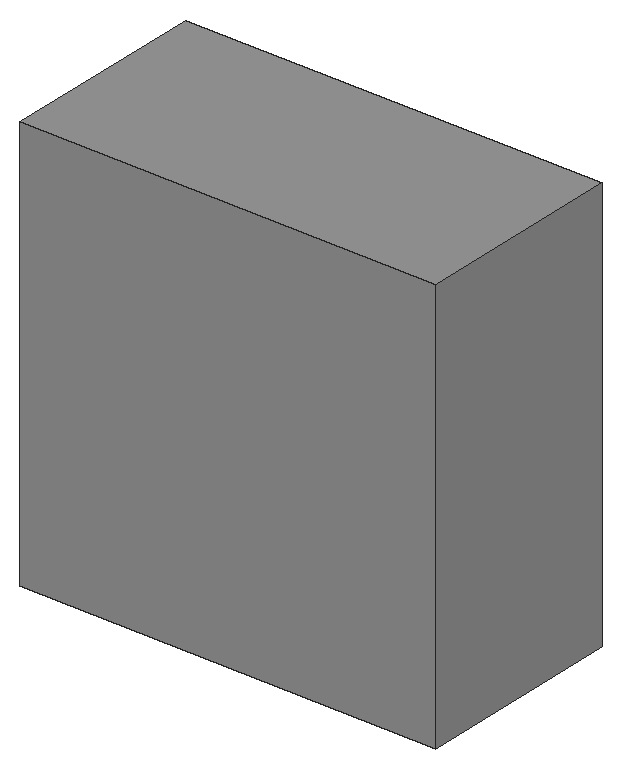
Revit family "BM_Energieversorgung_V1700", category Brandmelder, Revit 2017
Family settings
  Beschriftungsausrichtung beibehalten = Nein
  Bemaßung runder Anschluss = Durchmesser verwenden
  Teiletyp = Verteilerkasten
  OmniClass-Nummer = 23.80.00.00
  OmniClass-Titel = Electric Power and Lighting
  Arbeitsebenenbasiert = Nein
  Immer vertikal = Ja
  Beim Laden mit Abzugskörper schneiden = Ja
  Gemeinsam genutzt = Nein
  Raumberechnungspunkt = Nein
Parameters (values of type "Energieversorgung")
  pbr_Material_KZ = ""
  pbr_Material = none
  pbr_E_Typ = ""
  pbr_E_KZ = ""
  pbr_DINBild = 0
  pbr_Bild = 0
  pbr_3Dx_Delta_Korrekturversatz [instance] = 0 mm
  pbr_3DX_Versatzfaktor [instance] = 0
  pbr_2DY_Versatzfaktor [instance] = 0
  pbr_2DX_Versatzfaktor [instance] = 0
  lfd_STRK [instance] = 0
  Zentrale [instance] = ""
  Winkel [instance] = 0.00°
  Typ [instance] = ""
  Text3 [instance] = ""
  Text2 [instance] = ""
  Text1 [instance] = ""
  Spannung [instance] = 0
  Scheinleistung [instance] = 0 VA
  RLeitungD [instance] = 20 mm
  YFrontversatz [instance] = if(pbr_2DY_Versatzfaktor = 300, 0 mm, pbr_2DY_Versatzfaktor * 300 mm)  # 0 mm
  XSeitenversatz [instance] = if(pbr_2DX_Versatzfaktor = 0, 3000 mm, 3000 mm + (pbr_2DX_Versatzfaktor * 300 mm)) + Eckversatz  # 3000 mm
  X3Dversatz [instance] = if([3DX_Versatzkontrolle] = 0, 2000 mm, 2000 mm + ([3DX_Versatzkontrolle] * (300 mm - Breite))) + pbr_3Dx_Delta_Korrekturversatz  # 2000 mm
  Polig [instance] = 1
  Planungsbüro Osnabrück = "www.pbr.de"
  Niveau [instance] = 1200 mm
  Netzart = ""
  Nennstrom [instance] = 0
  Menge (Dosenzahl) [instance] = 1
  Loop [instance] = ""
  Linie/Anschluss [instance] = ""
  Leistungsfaktor [instance] = 0
  Lastklassifizierung = none
  Installationsart = ""
  Info [instance] = ""
  Gewerk [instance] = "Brandmelder"
  EnergieversorgungDetele = yes
  Eckversatz [instance] = 0 mm
  Tiefe = 40 mm
  Länge [instance] = Breite  # 80 mm
  Bus [instance] = ""
  Breite = 80 mm
  Betriebsstrom ruhe [instance] = 0
  Betriebsstrom max [instance] = 0
  3DX_Versatzkontrolle [instance] = if(pbr_3DX_Versatzfaktor = 0, (pbr_2DX_Versatzfaktor * -1), (((-1 * pbr_3DX_Versatzfaktor) + pbr_2DX_Versatzfaktor) * -1))  # 0
Reference planes
  plane 1 "Mitte (Vorne/Hinten)": y = -0.134
  plane 2: z = 0
  plane 3 "Mitte (Links/Rechts)": x = 0
  plane 4: x = -125
  plane 5: x = 175
  plane 6: y = 300
  plane 7 "Schalterhinten": y = -0.134
  plane 8: x = -2975
  plane 9: x = 25
  plane 10: x = -1988.5
  plane 11: x = -15
  plane 12: x = 65
  plane 13: z = 1240
  plane 14: z = 1160
  plane 15 "SchalterVorne": y = 40
  plane 16: z = 1200
  plane 17 "MitteBox": y = 20
  plane 18: z = 1240
  plane 19: z = 1160
  plane 20 "rechts links oben 1": z = 1224
  plane 21 "rechts links unten 1": z = 1176
  plane 22 "rechts links oben 2": z = 1208
  plane 23 "rechts links unten 2": z = 1192
  plane 24: y = 149.933
Forms (mm)
  Extrusion 1, solid, material "Stahl, weich, geschweißt"
    sketch origin (0, 20, 0) x (0, 0, 1) y (-1, 0, 0)
      loop
        line (1160, 15) -> (1160, -65) -> (1240, -65) -> (1240, 15) -> (1160, 15)
    from -20 to 20
Dimensions and locks
  plane 4 to plane 5 = 300 mm
  plane 6 to plane 7 "Schalterhinten" = 300.134 mm
  equal spacing: plane 4, plane 9, plane 5
  "XSeitenversatz": plane 8 to plane 9
  plane 8 to plane 3 "Mitte (Links/Rechts)" = 2975 mm
  "YFrontversatz": plane 1 "Mitte (Vorne/Hinten)" to plane 7 "Schalterhinten"
  plane 4 to plane 9 = 150 mm
  plane 9 to plane 10 = 2013.5 mm
  "Niveau": plane 16 to level
  plane 15 "SchalterVorne" to plane 1 "Mitte (Vorne/Hinten)" = 40.134 mm
  plane 18 to plane 13 = 0 mm
  plane 19 to plane 14 = 0 mm
  equal spacing: plane 19, plane 21 "rechts links unten 1", plane 23 "rechts links unten 2", plane 22 "rechts links oben 2", plane 20 "rechts links oben 1", plane 18
  "Länge": plane 19 to plane 18
  equal spacing: plane 18, plane 16, plane 19
  plane 12 to plane 11 = 80 mm
  "Breite": plane 12 to plane 11
  equal spacing: plane 11, plane 9, plane 12
  equal spacing: plane 6, plane 24, plane 7 "Schalterhinten"
  aligned and locked: level to plane 2
  aligned and locked: plane 14 to Extrusion 1 sketch curve
  aligned and locked: Extrusion 1 sketch curve to plane 11
  aligned and locked: Extrusion 1 sketch curve to plane 13
  aligned and locked: Extrusion 1 to plane 15 "SchalterVorne"
  aligned and locked: nested 1 to plane 9
  aligned and locked: plane 7 "Schalterhinten" to nested 1
Automatic sketch dimensions
  Extrusion 1 sketch curve to plane 12 = 0 mm
Nested families
  nested 1: "Energieversorgung" at (25, 135, 0), visible <- "EnergieversorgungDetele", type "Energieversorgung"
Connectors
  electrical at (25, 0, 1200)
    settings: on Extrusion 1, index 1, voltage 0 V, apparent load 0 VA, apparent load phase1 0 VA, apparent load phase2 0 VA, apparent load phase3 0 VA, power factor 1, load classification "Sonstige", number of poles 1, system type 11, power factor state 1, is connector primary yes, connector utility no, sub classification motor no, connector description ""
Definition of nested family "Energieversorgung"
  Parameters (values of type "Energieversorgung")
    Energieversorgung = yes
  Reference planes
    plane 1 "Mitte (Vorne/Hinten)": y = 0
    plane 2: z = 0
    plane 3 "Mitte (Links/Rechts)": x = 0
    plane 4: x = 0
    plane 5: y = 0
  Lines and regions (mm)
    Filled region 1, type "Solid", in view "Referenzebene"
      outline origin (0, 0, 0) x (1, 0, 0) y (0, 1, 0)
        loop
          line (-20.243, 65.369) -> (-20.243, -65.936) -> (-17.073, -65.936) -> (-17.073, 65.369) -> (-20.243, 65.369)
    detail lines, in view "Referenzebene"
      curve 1: line (40.893, -104.877, 0) -> (40.893, 107.32, 0)
      curve 2: line (97.757, -0.096, 0) -> (40.893, -0.096, 0)
      curve 3: line (-20.243, -0.096, 0) -> (-86.879, -0.096, 0)
      curve 4: line (135.195, 135.134, 0) -> (135.195, -135.134, 0)
      curve 5: line (135.195, -135.134, 0) -> (-135.195, -135.134, 0)
      curve 6: line (-135.195, -135.134, 0) -> (-135.195, 135.134, 0)
      curve 7: line (-135.195, 135.134, 0) -> (135.195, 135.134, 0)
